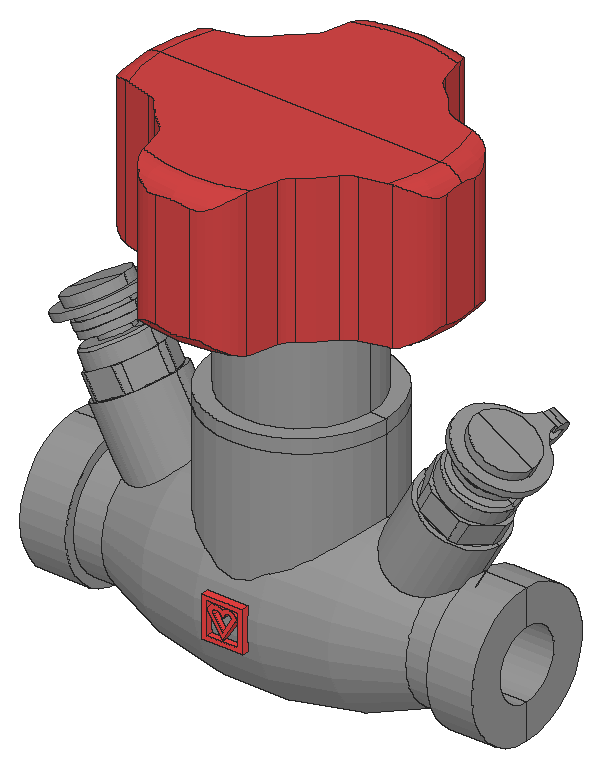
Revit family "HERZ Strömax клапан балансировочный с измерительными клапанами 4217 GM (LF-MF)", category Rohrzubehör, Revit 2019
Family settings
  Bemaßung runder Anschluss = Durchmesser verwenden
  Teiletyp = Unterbricht
  OmniClass-Nummer = 23.65.55.14
  OmniClass-Titel = Valves for Liquid Services
  Arbeitsebenenbasiert = Nein
  Immer vertikal = Ja
  Beim Laden mit Abzugskörper schneiden = Nein
  Gemeinsam genutzt = Nein
Parameters (values of type "LF")
  Среда = "Качество теплоносителя в соответствии с ÖNORM H5195 и VDI 2035.\r\nДопускается использование этилен- и пропиленгликоля в соотношении 25-50% с водой."
  Положение клапана при монтаже = "Неподнимающийся шпиндель, расположенный перпендикулярно оси клапана, обеспечивает доступность и лёгкость в обслуживании в любом монтажном положении."
  Область применения = "Балансировочные клапаны применяются для гидравлической балансировки систем отопления и охлаждения, регулировки магистральных трубопроводов, стояков, теплообменников, регистров отопления и охлаждения."
  Номер заказа [instance] = if(and(LF, Nennweite = 15.00 mm), 1421730, if(and(MF, Nennweite = 15.00 mm), 1421731, 0))  # 1421730
  Макс. рабочее давление = 1600000.0 Pa  # constant formula
  Макс. рабочая температура (с DN40) = 110 °C  # constant formula
  Макс. рабочая температура (до DN32) = 130 °C  # constant formula
  Корпус = "латунь, устойчивая к селективной цинковой коррозии"  # constant formula
  Исполнение = "STRÖMAX-GM Балансировочный клапан с измерительными клапанами, 1/2′′ – 3′′.\r\nИсполнение с прямым невыдвижным шпинделем, муфта х муфта, латунный корпус без покрытия, уплотнение шпинделя двойным кольцевым уплотнением O-Ring, преднастройка посредством ограничения хода внутреннего шпинделя, цифровые показания степени настройки отображаются в окне маховика.\r\nДва измерительных клапана расположены рядом с маховиком."
  Измерение перепада давления = "Клапаны STRÖMAX-GM оснащен двумя измерительными клапанами:\r\nс помощью измерительного прибора можно измерить перепад давления и по нему определить текущий расход в зависимости от степени преднастройки.\r\nHERZ Измерительный компьютер (1 8900 05) позволяет напрямую считывать расход (см. руководство к измерительным приборам)."
  kvs-значения [instance] = if(and(LF, Nennweite = 15.00 mm), 0.93, if(and(MF, Nennweite = 15.00 mm), 3.49, 0))  # 0.93
  W02 = 60.00°  # constant formula
  W01 = 30.00°  # constant formula
  URL = "www.herz-armaturen.ru"
  SC_NennweiteBerechnet = 0
  SC_Dimension = ""
  SCRNSEQ = "ARM;ARM_TYP=\"STRV\";2"
  SCRNCODE = "05;07;02"  # constant formula
  S02 = 60.00 mm  # constant formula
  S01 [instance] = H00 + H01  # 68.20 mm
  R01 [instance] = 21.00 mm  # constant formula
  Nennweite [instance] = 15.00 mm
  ML02 [instance] = 30.20 mm  # constant formula
  ML01 [instance] = 20.67 mm  # constant formula
  MF [instance] = no
  MD01 = 9.50 mm  # constant formula
  LF [instance] = yes
  L02 [instance] = 10.00 mm  # constant formula
  L01 [instance] = 16.30 mm  # constant formula
  L00 [instance] = 100.00 mm  # constant formula
  IG [instance] = Nennweite / 2  # 7.50 mm
  Hersteller = "HERZ Armaturen Ges.m.b.H."  # constant formula
  H04 [instance] = 2.50 mm  # constant formula
  H03 = 10.00 mm  # constant formula
  H02 [instance] = 3.00 mm  # constant formula
  H01 [instance] = 33.30 mm  # constant formula
  H00 [instance] = 34.90 mm  # constant formula
  Вес [instance] = if(and(LF, Nennweite = 15.00 mm), "0.86 kg", if(and(MF, Nennweite = 15.00 mm), "0.89 kg", "0 kg"))  # "0.86 kg"
  GT [instance] = 15.00 mm  # constant formula
  DN50-DN80 [instance] = H00 + H01  # 68.20 mm
  DN15-DN40 [instance] = H00 + H01  # 68.20 mm
  DN15 [instance] = Nennweite = 15.00 mm  # yes
  D06 [instance] = 15.40 mm  # constant formula
  D05 [instance] = 13.15 mm  # constant formula
  D04 = 9.00 mm  # constant formula
  D03 [instance] = 19.00 mm  # constant formula
  D02 [instance] = 15.25 mm  # constant formula
  D01 [instance] = 13.20 mm  # constant formula
Types (3, lengths in mm): name | Номер заказа | kvs-значения | MF | LF | Вес
  (no name) | 1421730 | 0.93 | no | yes | "0.86 kg"
  LF | 1421730 | 0.93 | no | yes | "0.86 kg"
  MF | 1421731 | 3.49 | yes | no | "0.89 kg"
Reference planes
  plane 1 "Mitte (Vorne/hinten)": y = 0
  plane 2: z = 0
  plane 3 "Mitte (Links/rechts)": x = 0
Forms (mm)
  Revolve 1, solid, material "Messing, weicher Gelbton, geschweißt", detail levels fine
    sketch origin (0, 0, 0) x (1, 0, 0) y (0, 0, 1)
      loop
        line (-50, 15.25) -> (-50, 7.5) -> (-35, 7.5) -> (-35, 0) -> (35, 0) -> (35, 7.5) -> (50, 7.5) -> (50, 15.25) -> (40, 15.25) -> (40, 13.2) -> (33.7, 13.2)
        arc (33.7, 13.2) -> (0, 21) -> (-33.7, 13.2) r 76.701
        line (-33.7, 13.2) -> (-40, 13.2) -> (-40, 15.25) -> (-50, 15.25)
      axis (-50, 0) -> (50, 0)
    angle from 0 to 360
  Revolve 2, solid, material "Messing, weicher Gelbton, geschweißt", detail levels fine
    sketch origin (0, 0, 0) x (1, 0, 0) y (0, 0, 1)
      loop
        line (20.67, 0) -> (35.77, 26.154) -> (27.543, 30.904) -> (12.443, 4.75) -> (20.67, 0)
      axis (20.67, 0) -> (35.77, 26.154)
    angle from 0 to 360
  Revolve 3, solid, material "Messing, weicher Gelbton, geschweißt", detail levels fine
    sketch origin (0, 0, 0) x (1, 0, 0) y (0, 0, 1)
      loop
        line (0, 0) -> (0, 34.9) -> (-19, 34.9) -> (-19, 0) -> (0, 0)
      axis (0, 34.9) -> (0, 0)
    angle from 0 to 360
  Revolve 4, solid, material "Messing, weicher Gelbton, geschweißt", detail levels fine
    sketch origin (0, 0, 0) x (-1, 0, 0) y (0, 0, 1)
      loop
        line (20.67, 0) -> (35.77, 26.154) -> (27.543, 30.904) -> (12.443, 4.75) -> (20.67, 0)
      axis (20.67, 0) -> (35.77, 26.154)
    angle from 0 to 360
  Revolve 5, solid, material "Messing, weicher Gelbton, geschweißt", detail levels fine
    sketch origin (0, 0, 0) x (1, 0, 0) y (0, 0, 1)
      loop
        line (0, 34.9) -> (0, 68.2) -> (-9, 68.2) -> (-9, 58.2) -> (-13.15, 58.2) -> (-13.15, 55.7) -> (-15.4, 55.7) -> (-15.4, 37.9) -> (-19, 37.9) -> (-19, 34.9) -> (0, 34.9)
      axis (0, 68.2) -> (0, 34.9)
    angle from 0 to 360
Lines and regions (mm)
  model lines, detail levels coarse+medium
    curve 1: line (-50, 0, 15.25) -> (-50, 0, -15.25)
    curve 2: line (-50, 0, -15.25) -> (50, 0, 15.25)
    curve 3: line (50, 0, 15.25) -> (50, 0, -15.25)
    curve 4: line (50, 0, -15.25) -> (-50, 0, 15.25)
    curve 5: line (0, 0, 0) -> (39.375, 0, 68.2)
    curve 6: line (13.395, 0, 83.2) -> (65.356, 0, 53.2)
    curve 7: line (-50, 15.25, 0) -> (-50, -15.25, 0)
    curve 8: line (-50, -15.25, 0) -> (50, 15.25, 0)
    curve 9: line (50, 15.25, 0) -> (50, -15.25, 0)
    curve 10: line (50, -15.25, 0) -> (-50, 15.25, 0)
    curve 11: line (0, 0, 0) -> (39.375, 68.2, 0)
    curve 12: line (13.395, 83.2, 0) -> (65.356, 53.2, 0)
Dimensions and locks
  "IG": Revolve 1 sketch curve to plane 2
  "GT": Revolve 1 sketch curve to Revolve 1 sketch curve  (x2)
  "IG": Revolve 1 sketch curve to Revolve 1 sketch curve
  "D01": Revolve 1 sketch curve to Revolve 1 sketch curve  (x2)
  "R01": Revolve 1 sketch curve to Revolve 1 sketch curve
  "L02": Revolve 1 sketch curve to Revolve 1 sketch curve  (x2)
  "L01": Revolve 1 sketch curve to Revolve 1 sketch curve  (x2)
  "D02": Revolve 1 sketch curve to plane 2  (x2)
  equal spacing: Revolve 1 sketch curve, plane 3 "Mitte (Links/rechts)", Revolve 1 sketch curve
  "L00": Revolve 1 sketch curve to Revolve 1 sketch curve
  "R01": nested 1 to plane 1 "Mitte (Vorne/hinten)"
  "ML01": Revolve 2 sketch curve to plane 3 "Mitte (Links/rechts)"
  "H00": Revolve 3 sketch curve to plane 2
  "D03": Revolve 3 sketch curve to Revolve 3 sketch curve
  "ML02": Revolve 2 sketch curve to Revolve 2 sketch curve
  "MD01": Revolve 2 sketch curve to Revolve 2 sketch curve  (x2)
  "ML02": Revolve 4 sketch curve to Revolve 4 sketch curve
  "MD01": Revolve 4 sketch curve to Revolve 4 sketch curve  (x2)
  "ML01": plane 3 "Mitte (Links/rechts)" to Revolve 4 sketch curve
  "H00": Revolve 5 sketch curve to plane 2
  "H01": Revolve 5 sketch curve to Revolve 5 sketch curve
  "D04": Revolve 5 sketch curve to Revolve 5 sketch curve
  "D03": Revolve 5 sketch curve to Revolve 5 sketch curve
  "D05": Revolve 5 sketch curve to Revolve 5 sketch curve
  "D06": Revolve 5 sketch curve to Revolve 5 sketch curve
  "H02": Revolve 5 sketch curve to Revolve 5 sketch curve
  "H03": Revolve 5 sketch curve to Revolve 5 sketch curve
  "H04": Revolve 5 sketch curve to Revolve 5 sketch curve
  "DN15-DN40": nested 2 to plane 2
  "D02": curve 4 to plane 2 to curve 2
  "D02": curve 3 to plane 2 to curve 4
  equal spacing: curve 1, plane 3 "Mitte (Links/rechts)", curve 3
  "L00": curve 1 to curve 3
  equal spacing: Revolve 1, curve 5, Revolve 1
  "S01": curve 5 to plane 2
  equal spacing: curve 6, curve 5, curve 6
  "S02": curve 6 to curve 6
  "D02": curve 8 to plane 1 "Mitte (Vorne/hinten)" to curve 10
  "D02": curve 10 to plane 1 "Mitte (Vorne/hinten)" to curve 9
  equal spacing: curve 7, plane 3 "Mitte (Links/rechts)", curve 9
  "L00": curve 7 to curve 9
  equal spacing: curve 7, curve 11, curve 9
  "S01": plane 1 "Mitte (Vorne/hinten)" to curve 11
  equal spacing: curve 12, curve 11, curve 12
  "S02": curve 12 to curve 12
  "W01": angle Revolve 2 sketch curve to plane 3 "Mitte (Links/rechts)"  (x2)
  "W01": angle plane 3 "Mitte (Links/rechts)" to Revolve 4 sketch curve  (x2)
  "W02": angle plane 2 to curve 5
  "W02": angle plane 1 "Mitte (Vorne/hinten)" to curve 11
  aligned and locked: level to plane 2
Automatic sketch dimensions
  Revolve 1 sketch curve to level = 0.00 mm  (x2)
  Revolve 1 sketch curve to Revolve 1 sketch curve = 1429.986 mm
  Revolve 1 sketch curve to Revolve 1 sketch curve = 1762.604 mm
  Revolve 2 sketch curve to level = 0.00 mm  (x2)
  Revolve 3 sketch curve to level = 0.00 mm
  Revolve 3 sketch curve to plane 3 "Mitte (Links/rechts)" = 0.00 mm  (x2)
  Revolve 3 sketch curve to Revolve 3 sketch curve = 366.045 mm
  Revolve 3 sketch curve to Revolve 3 sketch curve = 2179.415 mm
  Revolve 4 sketch curve to level = 0.00 mm  (x2)
  Revolve 5 sketch curve to plane 3 "Mitte (Links/rechts)" = 0.00 mm  (x2)
  Revolve 5 sketch curve to level = 366.045 mm
  Revolve 5 sketch curve to Revolve 5 sketch curve = 2146.115 mm
Nested families
  nested 1: "Herz-Logo-vorne" at (0, -21, 0) x (0, 1, 0) z (0, 0, 1), type "Herz-Logo-vorne", detail levels fine
  nested 2: "Strangregulierventil-Handrad-Gerade (Rot) DN15-DN40" at (0, 0, 68.2), visible <- "DN15", type "Strangregulierventil-Handrad-Gerade (Rot) DN15-DN40", detail levels fine
    with Nennweite 0.00 mm, Gewicht 0.00 kg, Bestellnummer 0
  nested 3: "Messstutzen_Band_Austritt_30Grad_(oben)" at (27.02, 0, 10.999), visible <- "DN15", type "Messstutzen_Band_Austritt_30Grad_(oben)", detail levels fine
    with Schutzkappe yes, Nennweite 0.00 mm, Gewicht 0.00 kg, Bestellnummer 0
  nested 4: "Messstutzen_Band_Eintritt_30Grad_(oben)" at (-27.02, 0, 10.999) x (-1, 0, 0) z (0, 0, 1), visible <- "DN15", type "Messstutzen_Band_Eintritt_30Grad_(oben)", detail levels fine
    with Schutzkappe yes, Nennweite 0.00 mm, Gewicht 0.00 kg, Bestellnummer 0
Connectors
  piping at (-35, 0, 0), diameter 15, driven by "Nennweite"
    settings: on Revolve 1, index 1, connector inside diameter 609.6 mm, connector length 0.00 mm, flow factor 0, pipe flow 0.0 L/s, pressure drop 0.0 Pa, fitting loss kfactor 0, connector angle 0.00°, fixture units 0, engagement length 0.00 mm, angle of deflection 0.00°, flow configuration 0, flow direction 1, fitting loss method 0, system type 29, joint type 0, gender type 0, connector reference index -1, connector utility 0, adjustable connector no, is connector primary yes, connector description ""
  piping at (35, 0, 0), diameter 15, driven by "Nennweite"
    settings: on Revolve 1, index 2, connector inside diameter 609.6 mm, connector length 0.00 mm, flow factor 0, pipe flow 0.0 L/s, pressure drop 0.0 Pa, fitting loss kfactor 0, connector angle 0.00°, fixture units 0, engagement length 0.00 mm, angle of deflection 0.00°, flow configuration 0, flow direction 2, fitting loss method 0, system type 29, joint type 0, gender type 0, connector reference index -1, connector utility 0, adjustable connector no, is connector primary no, connector description ""
Definition of nested family "Herz-Logo-vorne"
  Reference planes
    plane 1 "Mitte (Vorne/hinten)": y = 0
    plane 2: z = 0
    plane 3 "Mitte (Links/rechts)": x = 0
  Forms (mm)
    Extrusion 1, solid
      sketch origin (0.732, -0.018, 0.017) x (0, -1, 0) y (0, 0, 1)
        loop
          line (-0.018, -4.517) -> (4.482, -4.517) -> (4.482, 4.483) -> (-4.518, 4.483) -> (-4.518, -4.517) -> (-0.018, -4.517)
        loop
          line (-0.05, -3.48) -> (3.482, -3.48) -> (3.482, 3.483) -> (-3.518, 3.483) -> (-3.518, -3.48) -> (-0.05, -3.48)
        loop
          arc (-0.018, 2.383) -> (-1.543, 3.287) -> (-3.067, 2.383) r 1.738
          arc (-3.067, 2.383) -> (-3.191, 1.899) -> (-3.067, 1.415) r 1.009
          line (-3.067, 1.415) -> (-0.018, -3.281) -> (3.032, 1.415)
          arc (3.032, 1.415) -> (3.156, 1.899) -> (3.032, 2.383) r 1.009
          arc (3.032, 2.383) -> (1.507, 3.287) -> (-0.018, 2.383) r 1.738
        loop
          arc (1.885, 1.272) -> (2.005, 1.675) -> (1.885, 2.079) r 0.74
          arc (1.885, 2.079) -> (1.265, 2.416) -> (0.644, 2.079) r 0.74
          line (0.644, 2.079) -> (-0.018, 0.97) -> (-0.679, 2.079)
          arc (-0.679, 2.079) -> (-1.3, 2.416) -> (-1.921, 2.079) r 0.74
          arc (-1.921, 2.079) -> (-2.04, 1.675) -> (-1.921, 1.272) r 0.74
          line (-1.921, 1.272) -> (-0.018, -1.658) -> (1.885, 1.272)
      from 0 to 1.5
  Dimensions and locks
    aligned and locked: level to plane 2
Definition of nested family "Strangregulierventil-Handrad-Gerade (Rot) DN15-DN40"
  Parameters (values of type "Strangregulierventil-Handrad-Gerade (Rot) DN15-DN40")
    URL = "www.herz-armaturen.at"
    Nennweite [instance] = 0.00 mm
    Manufacturer = "Herz Armaturen GmbH"  # constant formula
    Gewicht [instance] = 0.00 kg
    Bestellnummer [instance] = 0
  Reference planes
    plane 1 "Mitte (Vorne/hinten)": y = 0
    plane 2: z = 0
    plane 3 "Mitte (Links/rechts)": x = 0
  Forms (mm)
    Revolve 1, solid, detail levels fine
      sketch origin (0, 0, 0) x (1, 0, 0) y (0, 0, 1)
        loop
          line (0, 0) -> (0, 24.95) -> (-30.992, 24.95)
          arc (-30.992, 24.95) -> (-34.37, 23.636) -> (-35.973, 20.386) r 5
          line (-35.973, 20.386) -> (-37, 8.65) -> (-35.986, -2.936)
          arc (-35.986, -2.936) -> (-34.383, -6.186) -> (-31.005, -7.5) r 5
          line (-31.005, -7.5) -> (-15, -7.5) -> (-15, 0) -> (0, 0)
        axis (0, 24.95) -> (0, -7.5)
      angle from 0 to 360
    Extrusion 2, void
      sketch origin (0, 0, 20.3) x (1, 0, 0) y (0, 1, 0)
        loop
          line (3.861, 35.5) -> (-3.861, 35.5)
          arc (-3.861, 35.5) -> (-8.731, 33.847) -> (-11.589, 29.571) r 8
          line (-11.589, 29.571) -> (-13.284, 23.245)
          arc (-13.284, 23.245) -> (-13.982, 21.722) -> (-15.144, 20.516) r 5
          arc (-15.144, 20.516) -> (-18.031, 18.031) -> (-20.516, 15.144) r 25.5
          arc (-20.516, 15.144) -> (-21.722, 13.982) -> (-23.245, 13.284) r 5
          line (-23.245, 13.284) -> (-29.571, 11.589)
          arc (-29.571, 11.589) -> (-33.847, 8.731) -> (-35.5, 3.861) r 8
          line (-35.5, 3.861) -> (-35.5, -3.861)
          arc (-35.5, -3.861) -> (-33.847, -8.731) -> (-29.571, -11.589) r 8
          line (-29.571, -11.589) -> (-23.245, -13.284)
          arc (-23.245, -13.284) -> (-21.722, -13.982) -> (-20.516, -15.144) r 5
          arc (-20.516, -15.144) -> (-18.031, -18.031) -> (-15.144, -20.516) r 25.5
          arc (-15.144, -20.516) -> (-13.982, -21.722) -> (-13.284, -23.245) r 5
          line (-13.284, -23.245) -> (-11.589, -29.571)
          arc (-11.589, -29.571) -> (-8.731, -33.847) -> (-3.861, -35.5) r 8
          line (-3.861, -35.5) -> (3.861, -35.5)
          arc (3.861, -35.5) -> (8.731, -33.847) -> (11.589, -29.571) r 8
          line (11.589, -29.571) -> (13.284, -23.245)
          arc (13.284, -23.245) -> (13.982, -21.722) -> (15.144, -20.516) r 5
          arc (15.144, -20.516) -> (18.031, -18.031) -> (20.516, -15.144) r 25.5
          arc (20.516, -15.144) -> (21.722, -13.982) -> (23.245, -13.284) r 5
          line (23.245, -13.284) -> (29.571, -11.589)
          arc (29.571, -11.589) -> (33.847, -8.731) -> (35.5, -3.861) r 8
          line (35.5, -3.861) -> (35.5, 3.861)
          arc (35.5, 3.861) -> (33.847, 8.731) -> (29.571, 11.589) r 8
          line (29.571, 11.589) -> (23.245, 13.284)
          arc (23.245, 13.284) -> (21.722, 13.982) -> (20.516, 15.144) r 5
          arc (20.516, 15.144) -> (18.031, 18.031) -> (15.144, 20.516) r 25.5
          arc (15.144, 20.516) -> (13.982, 21.722) -> (13.284, 23.245) r 5
          line (13.284, 23.245) -> (11.589, 29.571)
          arc (11.589, 29.571) -> (8.731, 33.847) -> (3.861, 35.5) r 8
        loop
          circle (0, 0) r 38
      from -31.266 to 7.923
  Cuts and joins
    Extrusion 2 cuts Revolve 1
  Dimensions and locks
    Revolve 1 sketch curve to Revolve 1 sketch curve = 15.00 mm
    Revolve 1 sketch curve to Revolve 1 sketch curve = 16.15 mm
    Revolve 1 sketch curve to Revolve 1 sketch curve = 16.30 mm
    angle Revolve 1 sketch curve to Revolve 1 sketch curve = 95.00°
    aligned and locked: level to plane 2
Definition of nested family "Messstutzen_Band_Austritt_30Grad_(oben)"
  Parameters (values of type "Messstutzen_Band_Austritt_30Grad_(oben)")
    URL = "www.herz-armaturen.at"
    Schutzkappe [instance] = yes
    Nennweite [instance] = 0.00 mm
    Manufacturer = "Herz Armaturen GmbH"  # constant formula
    Gewicht [instance] = 0.00 kg
    Bestellnummer [instance] = 0
  Reference planes
    plane 1 "Mitte (Vorne/hinten)": y = 0
    plane 2: z = 0
    plane 3 "Mitte (Links/rechts)": x = 0
  Forms (mm)
    Revolve 1, solid, detail levels fine
      sketch origin (0, 0, 0) x (0.866025, 0, -0.5) y (0.5, 0, 0.866025)
        loop
          line (-7.4, 9) -> (-5.55, 9) -> (-5.55, 6)
          arc (-5.55, 6) -> (-5.626, 5.617) -> (-5.843, 5.293) r 1
          line (-5.843, 5.293) -> (-6.455, 4.681) -> (-6.455, 0.9) -> (-5.555, 0) -> (-2, 0) -> (-2, 17.5) -> (-8.4, 17.5)
          arc (-8.4, 17.5) -> (-7.693, 17.207) -> (-7.4, 16.5) r 1
          line (-7.4, 16.5) -> (-7.4, 9)
        loop
          line (-3.7, 27) -> (-7.3, 27) -> (-7.9, 26.4) -> (-7.9, 23) -> (-2, 23) -> (-2, 35.8) -> (-3.805, 35.8) -> (-4.415, 35.19) -> (-4.415, 30.863) -> (-3.7, 30.45) -> (-3.7, 27)
        axis (0, 0) -> (0, 35.8)
      angle from 0 to 360
    Extrusion 2, solid, detail levels fine
      sketch origin (8.75, 0, 15.155) x (0, 1, 0) y (-0.866025, 0, 0.5)
        loop
          arc (-7.07, 5.156) -> (-7.578, 4.375) -> (-8, 3.544) r 8.75
          line (-8, 3.544) -> (-8, -3.544)
          arc (-8, -3.544) -> (-7.578, -4.375) -> (-7.07, -5.156) r 8.75
          line (-7.07, -5.156) -> (-0.93, -8.7)
          arc (-0.93, -8.7) -> (0, -8.75) -> (0.93, -8.7) r 8.75
          line (0.93, -8.7) -> (7.07, -5.156)
          arc (7.07, -5.156) -> (7.578, -4.375) -> (8, -3.544) r 8.75
          line (8, -3.544) -> (8, 3.544)
          arc (8, 3.544) -> (7.578, 4.375) -> (7.07, 5.156) r 8.75
          line (7.07, 5.156) -> (0.93, 8.7)
          arc (0.93, 8.7) -> (0, 8.75) -> (-0.93, 8.7) r 8.75
          line (-0.93, 8.7) -> (-7.07, 5.156)
      from 0 to 5.5
    Revolve 3, solid, visible <- "Schutzkappe", detail levels fine
      sketch origin (0, 0, 0) x (0.866025, 0, -0.5) y (0.5, 0, 0.866025)
        loop
          line (0, 35.878) -> (0, 36.678) -> (-7, 36.678) -> (-7, 33.378) -> (-6.1, 33.378) -> (-6.1, 31.678) -> (-6.9, 31.678) -> (-6.9, 30.178) -> (-4.415, 30.178) -> (-4.415, 35.268) -> (-3.805, 35.878) -> (0, 35.878)
        axis (0, 30.178) -> (0, 36.678)
      angle from 0 to 360
    Extrusion 4, solid, detail levels fine
      sketch origin (14.25, 0, 24.682) x (0, 1, 0) y (0.866025, 0, -0.5)
        loop
          circle (0, 0) r 3.7
        loop
          arc (5.505, -3.906) -> (7.288, -2.358) -> (9.582, -1.8) r 5
          line (9.582, -1.8) -> (9.582, 1.8)
          arc (9.582, 1.8) -> (7.288, 2.358) -> (5.505, 3.906) r 5
          arc (5.505, 3.906) -> (-6.75, 0) -> (5.505, -3.906) r 6.75
      from 0 to -1.5
    Extrusion 5, solid, detail levels fine
      sketch origin (16.589, 0, 28.733) x (0, 1, 0) y (0.866025, 0, -0.5)
        loop
          circle (0, 0) r 6.1
        loop
          arc (8.652, -4.495) -> (10.493, -2.527) -> (13.089, -1.8) r 5
          line (13.089, -1.8) -> (13.089, 1.8)
          arc (13.089, 1.8) -> (10.493, 2.527) -> (8.652, 4.495) r 5
          arc (8.652, 4.495) -> (-9.75, 0) -> (8.652, -4.495) r 9.75
      from 0 to -1.5
    Sweep 6, solid, detail levels fine
      path origin (1.029, 0.159, 0.98) x (-0.5, 0, -0.866025) y (0, 1, 0)
        loop
          line (-27.75, 9.582) -> (-27.75, 14.522)
          arc (-27.75, 14.522) -> (-30.089, 16.862) -> (-32.428, 14.522) r 2.339
          line (-32.428, 14.522) -> (-32.428, 13.089)
      profile origin (14.904, 12.211, 25.012) x (0.5, 0, 0.866025) y (0.866025, 0, -0.5)
        loop
          line (-0.75, -1.8) -> (0.75, -1.8) -> (0.75, 1.8) -> (-0.75, 1.8) -> (-0.75, -1.8)
  Dimensions and locks
    aligned and locked: level to plane 2
Definition of nested family "Messstutzen_Band_Eintritt_30Grad_(oben)"
  Parameters (values of type "Messstutzen_Band_Eintritt_30Grad_(oben)")
    URL = "www.herz-armaturen.at"
    Schutzkappe [instance] = yes
    Nennweite [instance] = 0.00 mm
    Manufacturer = "Herz Armaturen GmbH"  # constant formula
    Gewicht [instance] = 0.00 kg
    Bestellnummer [instance] = 0
  Reference planes
    plane 1 "Mitte (Vorne/hinten)": y = 0
    plane 2: z = 0
    plane 3 "Mitte (Links/rechts)": x = 0
  Forms (mm)
    Revolve 1, solid, detail levels fine
      sketch origin (0, 0, 0) x (0.866025, 0, -0.5) y (0.5, 0, 0.866025)
        loop
          line (-7.4, 9) -> (-5.55, 9) -> (-5.55, 6)
          arc (-5.55, 6) -> (-5.626, 5.617) -> (-5.843, 5.293) r 1
          line (-5.843, 5.293) -> (-6.455, 4.681) -> (-6.455, 0.9) -> (-5.555, 0) -> (-2, 0) -> (-2, 17.5) -> (-8.4, 17.5)
          arc (-8.4, 17.5) -> (-7.693, 17.207) -> (-7.4, 16.5) r 1
          line (-7.4, 16.5) -> (-7.4, 9)
        loop
          line (-3.7, 27) -> (-7.3, 27) -> (-7.9, 26.4) -> (-7.9, 23) -> (-2, 23) -> (-2, 35.8) -> (-3.805, 35.8) -> (-4.415, 35.19) -> (-4.415, 30.863) -> (-3.7, 30.45) -> (-3.7, 27)
        axis (0, 0) -> (0, 35.8)
      angle from 0 to 360
    Extrusion 2, solid, detail levels fine
      sketch origin (8.75, 0, 15.155) x (0, 1, 0) y (-0.866025, 0, 0.5)
        loop
          arc (-7.07, 5.156) -> (-7.578, 4.375) -> (-8, 3.544) r 8.75
          line (-8, 3.544) -> (-8, -3.544)
          arc (-8, -3.544) -> (-7.578, -4.375) -> (-7.07, -5.156) r 8.75
          line (-7.07, -5.156) -> (-0.93, -8.7)
          arc (-0.93, -8.7) -> (0, -8.75) -> (0.93, -8.7) r 8.75
          line (0.93, -8.7) -> (7.07, -5.156)
          arc (7.07, -5.156) -> (7.578, -4.375) -> (8, -3.544) r 8.75
          line (8, -3.544) -> (8, 3.544)
          arc (8, 3.544) -> (7.578, 4.375) -> (7.07, 5.156) r 8.75
          line (7.07, 5.156) -> (0.93, 8.7)
          arc (0.93, 8.7) -> (0, 8.75) -> (-0.93, 8.7) r 8.75
          line (-0.93, 8.7) -> (-7.07, 5.156)
      from 0 to 5.5
    Revolve 3, solid, visible <- "Schutzkappe", detail levels fine
      sketch origin (0, 0, 0) x (0.866025, 0, -0.5) y (0.5, 0, 0.866025)
        loop
          line (0, 35.878) -> (0, 36.678) -> (-7, 36.678) -> (-7, 33.378) -> (-6.1, 33.378) -> (-6.1, 31.678) -> (-6.9, 31.678) -> (-6.9, 30.178) -> (-4.415, 30.178) -> (-4.415, 35.268) -> (-3.805, 35.878) -> (0, 35.878)
        axis (0, 30.178) -> (0, 36.678)
      angle from 0 to 360
    Extrusion 4, solid, detail levels fine
      sketch origin (14.25, 0, 24.682) x (0, 1, 0) y (0.866025, 0, -0.5)
        loop
          circle (0, 0) r 3.7
        loop
          arc (5.505, -3.906) -> (7.288, -2.358) -> (9.582, -1.8) r 5
          line (9.582, -1.8) -> (9.582, 1.8)
          arc (9.582, 1.8) -> (7.288, 2.358) -> (5.505, 3.906) r 5
          arc (5.505, 3.906) -> (-6.75, 0) -> (5.505, -3.906) r 6.75
      from 0 to -1.5
    Extrusion 5, solid, detail levels fine
      sketch origin (16.589, 0, 28.733) x (0, 1, 0) y (0.866025, 0, -0.5)
        loop
          circle (0, 0) r 6.1
        loop
          arc (8.652, -4.495) -> (10.493, -2.527) -> (13.089, -1.8) r 5
          line (13.089, -1.8) -> (13.089, 1.8)
          arc (13.089, 1.8) -> (10.493, 2.527) -> (8.652, 4.495) r 5
          arc (8.652, 4.495) -> (-9.75, 0) -> (8.652, -4.495) r 9.75
      from 0 to -1.5
    Sweep 6, solid, detail levels fine
      path origin (0.933, -0.183, 1.116) x (-0.5, 0, -0.866025) y (0, 1, 0)
        loop
          line (-27.75, 9.582) -> (-27.75, 14.522)
          arc (-27.75, 14.522) -> (-30.089, 16.862) -> (-32.428, 14.522) r 2.339
          line (-32.428, 14.522) -> (-32.428, 13.089)
      profile origin (14.808, 11.869, 25.148) x (0.5, 0, 0.866025) y (0.866025, 0, -0.5)
        loop
          line (-0.75, -1.8) -> (0.75, -1.8) -> (0.75, 1.8) -> (-0.75, 1.8) -> (-0.75, -1.8)
  Dimensions and locks
    aligned and locked: level to plane 2
